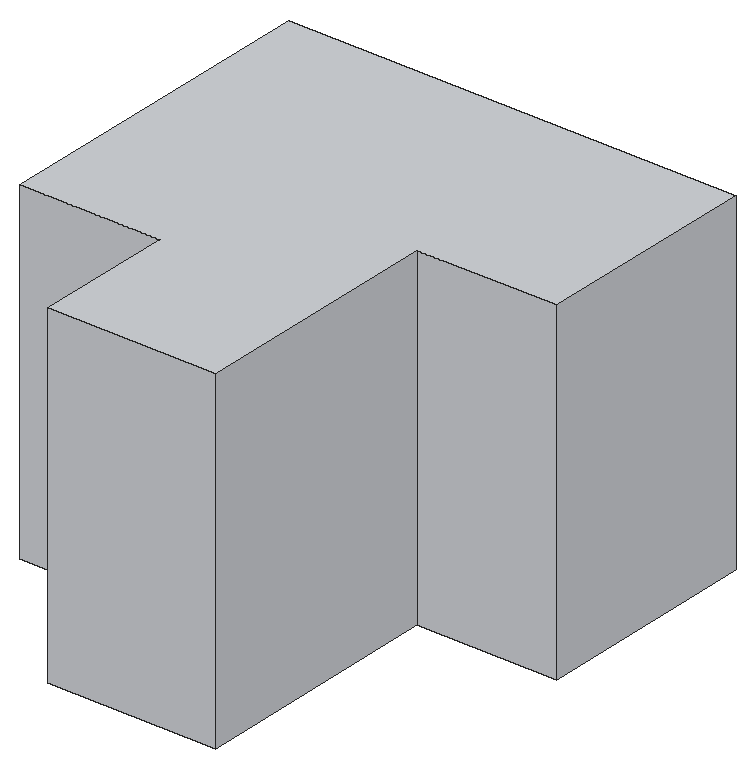
Revit family "M_Rectangular Tee - Reducing", category Duct Fittings, Revit 2014
Parameters (values of type "Standard")
  Offset 1 [instance] = if(Duct Width 1 > Duct Width 2, ((Duct Width 1 / 2 - Duct Width 2 / 2) / 2 + Duct Width 2 / 2), ((Duct Width 2 / 2 - Duct Width 1 / 2) / 2 + Duct Width 1 / 2))  # 125 mm
  Duct Width 3 [instance] = 150 mm
  Duct Width 2 [instance] = 200 mm
  Duct Width 1 [instance] = 300 mm
  Duct Lenght 3 [instance] = if(Duct Width 1 > Duct Width 2, Duct Width 1, Duct Width 2)  # 300 mm
  Duct Lenght 2 [instance] = Duct Width 3 / 2 + 125 mm  # 200 mm
  Duct Lenght 1 [instance] = Duct Width 3 / 2 + 125 mm  # 200 mm
  Duct Height [instance] = 300 mm
Reference planes
  plane 1 "Center (Front/Back)": y = 0
  plane 2: z = 0
  plane 3 "Center (Left/Right)": x = 0
  plane 4: y = 125
  plane 5: y = -175
  plane 6: y = -25
  plane 7: x = -200
  plane 8: x = 200
  plane 9: y = -75
  plane 10: y = 25
  plane 11: y = -300
  plane 12: x = -75
  plane 13: x = 75
Forms (mm)
  Sweep 1, solid, detail levels medium+fine
    path in 3D
      loop
        line (-200, -25, 0) -> (0, -25, 0)
    profile "M_Rectangular Duct Profile : Duct - Rectangular 1" origin (-100, -25, 0) x (0, 1, 0) y (0, 0, 1)
      loop
        line (-150, 150) -> (-150, -150) -> (150, -150) -> (150, 150) -> (-150, 150)
  Sweep 2, solid, detail levels medium+fine
    path in 3D
      loop
        line (0, 25, 0) -> (200, 25, 0)
    profile "M_Rectangular Duct Profile : Duct - Rectangular 2" origin (100, 25, 0) x (0, 1, 0) y (0, 0, 1)
      loop
        line (-100, 150) -> (-100, -150) -> (100, -150) -> (100, 150) -> (-100, 150)
  Sweep 3, solid, detail levels medium+fine
    path in 3D
      loop
        line (0, -25, 0) -> (0, -300, 0)
    profile "M_Rectangular Duct Profile : Duct - Rectangular 3" origin (0, -162.5, 0) x (1, 0, 0) y (0, 0, 1)
      loop
        line (-75, 150) -> (-75, -150) -> (75, -150) -> (75, 150) -> (-75, 150)
  Sweep 4, solid, detail levels medium+fine
    path in 3D
      loop
        line (0, 25, 0) -> (0, -300, 0)
    profile "M_Rectangular Duct Profile : Duct - Rectangular 3" origin (0, -137.5, 0) x (1, 0, 0) y (0, 0, 1)
      loop
        line (-75, 150) -> (-75, -150) -> (75, -150) -> (75, 150) -> (-75, 150)
Cuts and joins
  joined: Sweep 1, Sweep 2, Sweep 3, Sweep 4
Lines and regions (mm)
  reference lines
    curve 1: line (-200, -25, 0) -> (0, -25, 0)
    curve 2: line (0, 25, 0) -> (200, 25, 0)
    curve 3: line (0, 25, 0) -> (0, -300, 0)
    curve 4: line (0, -25, 0) -> (0, -300, 0)
  sketch lines
    curve 5: line (-200, -25, 0) -> (0, -25, 0)
    curve 6: line (0, 25, 0) -> (200, 25, 0)
    curve 7: line (0, -25, 0) -> (0, -300, 0)
    curve 8: line (0, 25, 0) -> (0, -300, 0)
  model lines, detail levels coarse
    curve 9: line (-200, -25, 0) -> (0, -25, 0)
    curve 10: line (0, 25, 0) -> (200, 25, 0)
    curve 11: line (0, 25, 0) -> (0, -300, 0)
    curve 12: line (0, -25, 0) -> (0, -300, 0)
Dimensions and locks
  "Offset 1": plane 1 "Center (Front/Back)" to plane 4
  "Duct Width 1": plane 4 to plane 5
  equal spacing: plane 4, plane 6, plane 5
  "Duct Lenght 1": plane 7 to plane 3 "Center (Left/Right)"
  "Duct Lenght 2": plane 3 "Center (Left/Right)" to plane 8
  "Duct Width 2": plane 4 to plane 9
  equal spacing: plane 4, plane 10, plane 9
  "Duct Lenght 3": plane 11 to plane 1 "Center (Front/Back)"
  equal spacing: plane 12, plane 3 "Center (Left/Right)", plane 13
  "Duct Width 3": plane 12 to plane 13
  aligned and locked: plane 3 "Center (Left/Right)" to curve 1
  aligned and locked: plane 7 to curve 1
  aligned and locked: curve 1 to plane 6
  aligned and locked: plane 3 "Center (Left/Right)" to curve 2
  aligned and locked: plane 8 to curve 2
  aligned and locked: curve 2 to plane 10
  aligned and locked: plane 11 to curve 3
  aligned and locked: plane 6 to curve 4
  aligned and locked: plane 11 to curve 4
  aligned and locked: curve 4 to plane 3 "Center (Left/Right)"
  aligned and locked: plane 7 to curve 9
  aligned and locked: plane 3 "Center (Left/Right)" to curve 9
  aligned and locked: curve 9 to plane 6
  aligned and locked: plane 8 to curve 10
  aligned and locked: curve 10 to plane 10
  aligned and locked: plane 11 to curve 12
  aligned and locked: plane 6 to curve 12
  aligned and locked: plane 11 to curve 11
  aligned and locked: curve 11 to plane 3 "Center (Left/Right)"
Connectors
  hvac at (-200, -25, 0), driven by "Duct Width 1", driven by "Duct Height"
    settings: on cut or joined group of Sweep 1, Sweep 2, Sweep 3, Sweep 4, index 1, duct flow 0.0 L/s, flow factor 0, pres drop 0.0 Pa, loss coef 0, conn angle 0.00°, conn width 300 mm, conn height 300 mm, conn diameter 609.6 mm, duct sys type 28, conn prof type 1, flow config 0, flow direction 0, loss method 0, conn ref index 2, conn util no, is conn primary yes, conn desc ""
  hvac at (200, 25, 0), driven by "Duct Height", driven by "Duct Width 2"
    settings: on cut or joined group of Sweep 1, Sweep 2, Sweep 3, Sweep 4, index 2, duct flow 0.0 L/s, flow factor 0, pres drop 0.0 Pa, loss coef 0, conn angle 0.00°, conn width 200 mm, conn height 300 mm, conn diameter 609.6 mm, duct sys type 28, conn prof type 1, flow config 0, flow direction 0, loss method 0, conn ref index 1, conn util no, is conn primary no, conn desc ""
  hvac at (0, -300, 0), driven by "Duct Height", driven by "Duct Width 3"
    settings: on cut or joined group of Sweep 1, Sweep 2, Sweep 3, Sweep 4, index 3, duct flow 0.0 L/s, flow factor 0, pres drop 0.0 Pa, loss coef 0, conn angle 0.00°, conn width 150 mm, conn height 300 mm, conn diameter 609.6 mm, duct sys type 28, conn prof type 1, flow config 0, flow direction 0, loss method 0, conn ref index -1, conn util no, is conn primary no, conn desc ""
